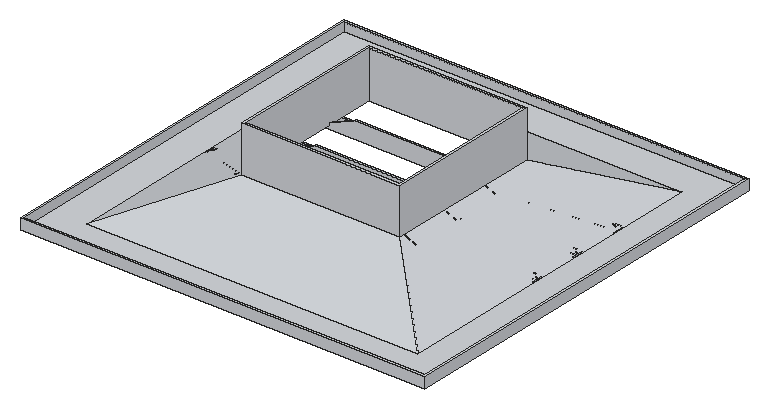
Revit family "SFRA-C-1V", category Air Terminals, Revit 2012
Parameters
  Width = Horizontal - 117" / 16  # 4 11/16"
  Vertical = 12"
  Largo regilla = Horizontal - (143" / 64)  # 9 49/64"
  Horizontal = 12"
  Height = Vertical - 117" / 16  # 4 11/16"
  Cantidad de rejillas = (Vertical - 15" / 2) / (3" / 2)  # 3
Reference planes (in)
  plane 1 "Center (Front/Back)": y = 0
  plane 2: z = 0
  plane 3 "Center (Left/Right)": x = 0
  plane 4: x = -6
  plane 5: x = 6
  plane 6: y = 6
  plane 7: y = -6
Forms (in)
  Sweep 1, solid
    path origin (0, 0, 0) x (1, 0, 0) y (0, 1, 0)
      loop
        line (-6, 6) -> (-6, -6) -> (6, -6) -> (6, 6) -> (-6, 6)
    profile origin (0, 6, 0) x (0, 1, 0) y (0, 0, 1)
      loop
        line (0, 0) -> (0, 0.31224) -> (-0.06291, 0.31224) -> (-0.06291, 0.06224) -> (-1.10304, 0.06224) -> (-3.64993, 1.14333) -> (-3.64993, 2.51563) -> (-3.71089, 2.51563) -> (-3.71089, 1.10131) -> (-1.11637, 0) -> (0, 0)
Dimensions and locks (in)
  equal spacing: plane 4, plane 3 "Center (Left/Right)", plane 5
  equal spacing: plane 6, plane 1 "Center (Front/Back)", plane 7
  "Horizontal": plane 4 to plane 5
  "Vertical": plane 6 to plane 7
  profile plane to Sweep 1 sketch curve = 0.31224"
  Sweep 1 sketch curve to Sweep 1 sketch curve = 0.06291"
  Sweep 1 sketch curve to profile plane = 2 33/64"
  profile plane to Sweep 1 sketch curve = 3.71089"
  locked: nested 1 to Sweep 1 at 0.07813
  locked: Sweep 1 to nested 1 at 1.5
  equal spacing: group 1, group 2, group 3  (x3)
  locked: nested 2 to nested 1 at 1.5
  angle Sweep 1 sketch curve to Sweep 1 sketch curve = 157.00°
  aligned and locked: plane 2 to level
  aligned and locked: Sweep 1 sketch curve to plane 6
  aligned and locked: plane 4 to Sweep 1 sketch curve
  aligned and locked: plane 7 to Sweep 1 sketch curve
  aligned and locked: Sweep 1 sketch curve to plane 5
  aligned and locked: plane 3 "Center (Left/Right)" to nested 1
  aligned and locked: nested 1 to nested 2  (x2)
  aligned and locked: nested 2 to nested 2
Automatic sketch dimensions
  Sweep 1 sketch curve to level = 0"
  Sweep 1 sketch curve to profile plane = 0"
  Sweep 1 sketch curve to Sweep 1 sketch curve = 0.06096"
  Sweep 1 sketch curve to Sweep 1 sketch curve = 1.05346"
  Sweep 1 sketch curve to Sweep 1 sketch curve = 0.01333"
  level to Sweep 1 sketch curve = 0.06224"
  Sweep 1 sketch curve to Sweep 1 sketch curve = 0.04202"
Nested families (in)
  nested 1: "rejilla SFRA1V" at (-4.88281, -0.28486, -0.05787), type "rejilla SFRA1V"
    with Largo rejilla 9 49/64"
  nested 2: "rejilla SFRA1V" at (-4.88281, 1.21514, -0.05787), type "rejilla SFRA1V"
    with Largo rejilla 9 49/64"
  nested 3: "rejilla SFRA1V" at (-4.88281, 2.71514, -0.05787), type "rejilla SFRA1V"
    with Largo rejilla 9 49/64"
Definition of nested family "rejilla SFRA1V"
  Parameters (values of type "rejilla SFRA1V")
    Largo rejilla = 18"
  Reference planes (in)
    plane 1 "Center (Front/Back)": y = 0
    plane 2: z = 0
    plane 3 "Center (Left/Right)": x = 0
    plane 4: x = 18
    plane 5: x = 9
  Forms (in)
    Extrusion 1, solid
      sketch origin (0, 0, 0) x (0, 1, 0) y (0, 0, 1)
        loop
          arc (-0.0999, 0.00091) -> (0.00047, 0.11458) -> (-0.12461, 0.20032) r 0.10123
          line (-0.12461, 0.20032) -> (-0.12461, 0.0865) -> (-1.86468, 1.09113) -> (-1.86468, 1.55787) -> (-1.92613, 1.55787) -> (-1.92613, 1.05528) -> (-0.0999, 0.00091)
      from 0 to 18
    Extrusion 2, void
      sketch origin (0, 0, 0) x (1, 0, 0) y (0, 0, 1)
        loop
          line (0, 0.11913) -> (3.38946, 1.55787) -> (0, 1.55787) -> (0, 0.11913)
      from 0 to 12
    Extrusion 3, void
      sketch origin (0, 0, 0) x (1, 0, 0) y (0, 0, 1)
        loop
          line (18, 0.125) -> (18, 1.55787) -> (14.62436, 1.55787) -> (18, 0.125)
      from 0 to 12
  Cuts and joins
    Extrusion 2, Extrusion 3 cuts Extrusion 1
  Dimensions and locks (in)
    Extrusion 1 sketch curve to level = 1.55787"
    Extrusion 1 sketch curve to Extrusion 1 sketch curve = 0.50259"
    Extrusion 1 sketch curve to Extrusion 1 sketch curve = 1.82623"
    "Largo rejilla": plane 3 "Center (Left/Right)" to plane 4
    equal spacing: plane 4, plane 5, plane 3 "Center (Left/Right)"
    "Largo rejilla": plane 4 to plane 3 "Center (Left/Right)"
    Extrusion 2 to level = 1.55787"
    Extrusion 2 sketch curve to level = 0.11913"
    Extrusion 3 sketch curve to level = 1/8"
    angle Extrusion 1 sketch curve to Extrusion 1 sketch curve = 120.00°
    angle Extrusion 2 sketch curve to Extrusion 2 sketch curve = 23.00°
    angle Extrusion 3 sketch curve to cut or joined group of Extrusion 1, Extrusion 2, Extrusion 3 = 23.00°
    aligned and locked: plane 2 to level
    aligned and locked: plane 4 to Extrusion 1
    aligned and locked: Extrusion 2 to plane 3 "Center (Left/Right)"
    aligned and locked: Extrusion 2 to Extrusion 1
    aligned and locked: plane 3 "Center (Left/Right)" to Extrusion 2 sketch curve
    aligned and locked: plane 4 to Extrusion 3 sketch curve
    aligned and locked: Extrusion 3 sketch curve to cut or joined group of Extrusion 1, Extrusion 2, Extrusion 3
  Automatic sketch dimensions
    plane 1 "Center (Front/Back)" to Extrusion 1 sketch curve = 1.92613"
    Extrusion 1 sketch curve to Extrusion 1 sketch curve = 0.06145"
    plane 1 "Center (Front/Back)" to Extrusion 1 sketch curve = 0.12461"
    Extrusion 1 sketch curve to Extrusion 1 sketch curve = 0.02462"
    level to Extrusion 1 sketch curve = 0.20032"
    Extrusion 1 sketch curve to Extrusion 1 sketch curve = 0.09818"
    Extrusion 1 sketch curve to Extrusion 1 sketch curve = 1/64"
    level to Extrusion 2 sketch curve = 1.55787"
